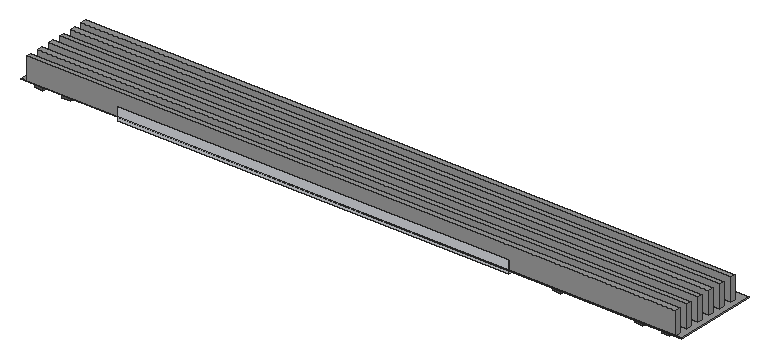
Revit family "1114-6, Solid", category Generic Models, host Face, Revit 2020
Family settings
  Host = Face
  Can host rebar = No
  Round Connector Dimension = Use Diameter
  Part Type = Normal
  Cut with Voids When Loaded = No
  Shared = No
  Room Calculation Point = No
Parameters
  min_value [instance] = 1' - 11 1/4"  # constant formula
  max_value [instance] = 11' - 11 1/4"  # constant formula
  actual_value [instance] = if(NET LENGTH < min_value, min_value, if(NET LENGTH > max_value, max_value, NET LENGTH))  # 7' - 11 1/4"
  SCRIM MATERIAL [instance] = SCRIM
  SCRIM [instance] = yes
  NET LENGTH [instance] = 7' - 11 1/4"
  Default Elevation = 4' - 0"
  BACKER MATERIAL [instance] = BLACK-BACKERS
  .. MEMBER WIDTH [instance] = 0' - 0 3/4"  # constant formula
  .. MEMBER MATERIAL [instance] = Solid Western Hemlock
  .. MEMBER LENGTH [instance] = actual_value  # 7' - 11 1/4"
  .. MEMBER DEPTH [instance] = 0' - 3 1/4"  # constant formula
  .. MEMBER COUNT [instance] = 6  # constant formula
  IMPORTANT NOTE!!!                                                                             *Backer layout is for visualization purposes only, final layout to be determined by 9Wood. [instance] = ""
Reference planes (in)
  plane 1 "Center (Front/Back)": y = 0
  plane 2: z = 1.82209
  plane 3 "Center (Left/Right)": x = 0
Forms (in)
  Extrusion 1, solid
    sketch origin (132, -33.80483, 0) x (1, 0, 0) y (0, 1, 0)
      loop
        line (-118.625, 33.80483) -> (-61.26146, 33.80483) -> (-61.26146, 45.86733) -> (-118.625, 45.86733) -> (-118.625, 33.80483)
    from 1.82209 to 0
Dimensions and locks (in)
  aligned and locked: Extrusion 1 to plane 2
  aligned and locked: plane 3 "Center (Left/Right)" to nested 1
Nested families (in)
  nested 1: "1100 SERIES CONFIG" at (0, 2, 0), .. MEMBER DEPTH <- ".. MEMBER DEPTH", .. MEMBER LENGTH <- ".. MEMBER LENGTH", .. MEMBER WIDTH <- ".. MEMBER WIDTH", .. MEMBER MATERIAL <- ".. MEMBER MATERIAL", BACKING M MATERIAL <- "BACKER MATERIAL", SCRIM  MATERIAL <- "SCRIM MATERIAL", .. MEMBER COUNT <- ".. MEMBER COUNT", SCRIM <- "SCRIM", type "1100 SERIES CONFIG"
    with X 7' - 8", SCRIM OVERHANG 2 0' - 0 3/32", SCRIM OVERHANG 0' - 0 7/8", SCRIM LENGTH 8' - 1", SCRIM  MATERIAL SCRIM, SCRIM yes, NOMINAL LENGTH 7, N 8, Inset 6' - 0 3/8", INSET 0' - 1", INDEX 0' - 5 5/8", HALF MEMBER WIDTH 0' - 0 3/8", HALF LENGTH 3' - 11 5/8", END BACKER yes, BACKING M WIDTH 0' - 1 1/4", BACKING M OC SPACING 1' - 0", BACKING M MATERIAL BLACK-BACKERS, BACKING M LENGTH 0' - 11 7/8", BACKING M DEPTH 0' - 0 1/2", BACKING M COUNT 8, 3/16" INSET 0' - 0 3/16", .. MEMBER WIDTH 0' - 0 3/4", .. MEMBER OC SPACING 0' - 2", .. MEMBER MATERIAL Solid Western Hemlock, .. MEMBER LENGTH 7' - 11 1/4", .. MEMBER DEPTH 0' - 3 1/4", .. MEMBER COUNT 6
Definition of nested family "1100 SERIES CONFIG"
  Parameters (values of type "1100 SERIES CONFIG")
    X [instance] = .. MEMBER LENGTH - 0' 3 1/4"  # 5' - 5"
    SCRIM OVERHANG 2 [instance] = 0' - 0 3/32"  # constant formula
    SCRIM OVERHANG [instance] = 0' - 0 7/8"  # constant formula
    SCRIM LENGTH [instance] = .. MEMBER LENGTH + (SCRIM OVERHANG * 2)  # 5' - 10"
    SCRIM  MATERIAL [instance] = none
    SCRIM [instance] = yes
    NOMINAL LENGTH [instance] = 7
    N [instance] = if((X - (rounddown(X / 1' 0") * 1' 0")) > 1' 0", rounddown(X / 1' 0") + 2, rounddown(X / 1' 0") + 1)  # 6
    Inset [instance] = 6' - 0 3/8"  # constant formula
    INSET [instance] = 0' - 1"  # constant formula
    END BACKER [instance] = INDEX > 0' 3 5/8"  # yes
    INDEX [instance] = (.. MEMBER LENGTH - ((N - 1) * 1' 0")) / 2  # 0' - 4 1/8"
    HALF MEMBER WIDTH [instance] = .. MEMBER WIDTH / 2  # 0' - 0 5/16"
    HALF LENGTH [instance] = .. MEMBER LENGTH / 2  # 2' - 10 1/8"
    Default Elevation = 0' - 0"
    BACKING M WIDTH [instance] = 0' - 1 1/4"
    BACKING M SPACING = 3' - 3"
    BACKING M MATERIAL [instance] = none
    BACKING M LENGTH [instance] = 0' - 11 7/8"
    BACKING M DEPTH [instance] = 0' - 0 1/2"
    BACKING M COUNT [instance] = N  # 6
    BACKING M OC SPACING [instance] = 1' - 0"  # constant formula
    3/16" INSET [instance] = 0' - 0 3/16"  # constant formula
    .. MEMBER WIDTH [instance] = 0' - 0 5/8"
    .. MEMBER OC SPACING [instance] = 1' 0" / .. MEMBER COUNT  # 0' - 4"
    .. MEMBER MATERIAL [instance] = none
    .. MEMBER LENGTH [instance] = 5' - 8 1/4"
    .. MEMBER DEPTH [instance] = 0' - 1 3/8"
    .. MEMBER COUNT [instance] = 3
  Reference planes (in)
    plane 1 "Center (Front/Back)": y = -2
    plane 2: z = 0
    plane 3 "Center (Left/Right)": x = 0
    plane 4: x = 1
    plane 5: x = 4.125
    plane 6: x = 34.125
    plane 7: x = 68.25
    plane 8: x = 67.25
    plane 9: x = 16.125
    plane 10: y = -1.8125
    plane 11: y = -1.6875
    plane 12: y = 2.3125
    plane 13: x = 69.125
    plane 14: x = -0.875
    plane 15: z = 0.5
    plane 16: z = 0.5625
    plane 17: y = 10.0625
    plane 18: y = 10.15625
    plane 19: y = -2.09375
  Dimensions and locks (in)
    "INSET": plane 3 "Center (Left/Right)" to plane 4
    "INDEX": plane 3 "Center (Left/Right)" to plane 5
    "HALF LENGTH": plane 3 "Center (Left/Right)" to plane 6
    ".. MEMBER LENGTH": plane 3 "Center (Left/Right)" to plane 7
    "INSET": plane 8 to plane 7
    equal spacing: group 2, group 3, group 6, group 7, group 8, group 9  (x3)
    "3/16" INSET": plane 1 "Center (Front/Back)" to plane 10
    ".. MEMBER OC SPACING": plane 12 to plane 11
    "SCRIM OVERHANG": plane 14 to plane 3 "Center (Left/Right)"
    "SCRIM OVERHANG": plane 7 to plane 13
    equal spacing: group 1, group 4, group 5  (x2)
    equal spacing: group 5, group 4, group 1
    "HALF MEMBER WIDTH": plane 1 "Center (Front/Back)" to plane 11
    "BACKING M OC SPACING": plane 5 to plane 9
    "SCRIM OVERHANG 2": plane 18 to plane 17
    "SCRIM OVERHANG 2": plane 19 to plane 1 "Center (Front/Back)"
    aligned and locked: level to plane 2
    aligned and locked: plane 6 to nested 1
    aligned and locked: nested 2 to plane 4
    aligned and locked: plane 5 to nested 3
    aligned and locked: plane 1 "Center (Front/Back)" to nested 1
    aligned and locked: nested 2 to plane 10
    aligned and locked: nested 3 to plane 10
    aligned and locked: nested 5 to plane 10
    aligned and locked: nested 4 to plane 10
    aligned and locked: nested 6 to plane 14
    aligned and locked: plane 12 to nested 7
    aligned and locked: nested 7 to plane 3 "Center (Left/Right)"
    aligned and locked: plane 9 to nested 5
    aligned and locked: plane 8 to nested 4
    aligned and locked: plane 15 to nested 2
    aligned and locked: nested 6 to plane 15
    aligned and locked: nested 1 to plane 16
    aligned and locked: nested 7 to plane 16
    aligned and locked: nested 6 to plane 19
  Nested families (in)
    nested 1: "INSTANCE - Parametric Cube" at (34.125, -1.6875, 1.9375), Length <- ".. MEMBER WIDTH", Height <- ".. MEMBER DEPTH", Width <- ".. MEMBER LENGTH", Material <- ".. MEMBER MATERIAL", type "INSTANCE - Parametric Cube"
      with Width 5' - 8 1/4", Material none, Length 0' - 0 5/8", Height 0' - 1 3/8"
    nested 2: "2ND INSTANCE - Parametric Cube" at (1.625, 4.125, 0), Height <- "BACKING M DEPTH", Length <- "BACKING M LENGTH", Width <- "BACKING M WIDTH", Material <- "BACKING M MATERIAL", visible <- "END BACKER", type "2ND INSTANCE - Parametric Cube"
      with Width 0' - 1 1/4", Material none, Length 0' - 11 7/8", Height 0' - 0 1/2"
    nested 3: "2ND INSTANCE - Parametric Cube" at (4.125, 4.125, 0), Length <- "BACKING M LENGTH", Height <- "BACKING M DEPTH", Width <- "BACKING M WIDTH", Material <- "BACKING M MATERIAL", type "2ND INSTANCE - Parametric Cube"
      with Width 0' - 1 1/4", Material none, Length 0' - 11 7/8", Height 0' - 0 1/2"
    nested 4: "2ND INSTANCE - Parametric Cube" at (66.625, 4.125, 0), Width <- "BACKING M WIDTH", Length <- "BACKING M LENGTH", Height <- "BACKING M DEPTH", Material <- "BACKING M MATERIAL", visible <- "END BACKER", type "2ND INSTANCE - Parametric Cube"
      with Width 0' - 1 1/4", Material none, Length 0' - 11 7/8", Height 0' - 0 1/2"
    nested 5: "2ND INSTANCE - Parametric Cube" at (16.125, 4.125, 0), Length <- "BACKING M LENGTH", Height <- "BACKING M DEPTH", Width <- "BACKING M WIDTH", Material <- "BACKING M MATERIAL", type "2ND INSTANCE - Parametric Cube"
      with Width 0' - 1 1/4", Material none, Length 0' - 11 7/8", Height 0' - 0 1/2"
    nested 6: "3RD INSTANCE - Parametric Cube" at (34.125, 4.0445, 0.5), Width <- "SCRIM LENGTH", Material <- "SCRIM  MATERIAL", visible <- "SCRIM", type "3RD INSTANCE - Parametric Cube"
      with Width 5' - 10", Material none, Length 1' - 0.27649", Height 0' - 0 1/16"
    nested 7: "INSTANCE - Parametric Cube" at (34.125, 2.3125, 1.9375), Length <- ".. MEMBER WIDTH", Height <- ".. MEMBER DEPTH", Width <- ".. MEMBER LENGTH", Material <- ".. MEMBER MATERIAL", type "INSTANCE - Parametric Cube"
      with Width 5' - 8 1/4", Material none, Length 0' - 0 5/8", Height 0' - 1 3/8"
    nested 8: "INSTANCE - Parametric Cube" at (34.125, 6.3125, 1.9375), Length <- ".. MEMBER WIDTH", Height <- ".. MEMBER DEPTH", Width <- ".. MEMBER LENGTH", Material <- ".. MEMBER MATERIAL", type "INSTANCE - Parametric Cube"
      with Width 5' - 8 1/4", Material none, Length 0' - 0 5/8", Height 0' - 1 3/8"
    nested 9: "2ND INSTANCE - Parametric Cube" at (28.125, 4.125, 0), Length <- "BACKING M LENGTH", Height <- "BACKING M DEPTH", Width <- "BACKING M WIDTH", Material <- "BACKING M MATERIAL", type "2ND INSTANCE - Parametric Cube"
      with Width 0' - 1 1/4", Material none, Length 0' - 11 7/8", Height 0' - 0 1/2"
    nested 10: "2ND INSTANCE - Parametric Cube" at (40.125, 4.125, 0), Length <- "BACKING M LENGTH", Height <- "BACKING M DEPTH", Width <- "BACKING M WIDTH", Material <- "BACKING M MATERIAL", type "2ND INSTANCE - Parametric Cube"
      with Width 0' - 1 1/4", Material none, Length 0' - 11 7/8", Height 0' - 0 1/2"
    nested 11: "2ND INSTANCE - Parametric Cube" at (52.125, 4.125, 0), Length <- "BACKING M LENGTH", Height <- "BACKING M DEPTH", Width <- "BACKING M WIDTH", Material <- "BACKING M MATERIAL", type "2ND INSTANCE - Parametric Cube"
      with Width 0' - 1 1/4", Material none, Length 0' - 11 7/8", Height 0' - 0 1/2"
    nested 12: "2ND INSTANCE - Parametric Cube" at (64.125, 4.125, 0), Length <- "BACKING M LENGTH", Height <- "BACKING M DEPTH", Width <- "BACKING M WIDTH", Material <- "BACKING M MATERIAL", type "2ND INSTANCE - Parametric Cube"
      with Width 0' - 1 1/4", Material none, Length 0' - 11 7/8", Height 0' - 0 1/2"
  Definition of nested family "INSTANCE - Parametric Cube"
    Parameters (values of type "INSTANCE - Parametric Cube")
      Width [instance] = 0' - 6"
      Material [instance] = none
      Length [instance] = 1' - 0"
      Height [instance] = 1' - 6"
      Default Elevation = 0' - 0"
    Reference planes (in)
      plane 1 "Center (Front/Back)": y = 0
      plane 2: z = 0
      plane 3 "Center (Left/Right)": x = 0
      plane 4: x = -3
      plane 5: x = 3
      plane 6: y = 6
      plane 7: y = -6
      plane 8: z = -18
    Forms (in)
      Extrusion 1, solid, material <- "Material"
        sketch origin (0, 0, 0) x (1, 0, 0) y (0, 1, 0)
          loop
            line (-3, 6) -> (-3, -6) -> (3, -6) -> (3, 6) -> (-3, 6)
        from -18 to 0
    Dimensions and locks (in)
      equal spacing: plane 4, plane 3 "Center (Left/Right)", plane 5
      equal spacing: plane 6, plane 1 "Center (Front/Back)", plane 7
      "Length": plane 6 to plane 7
      "Width": plane 4 to plane 5
      "Height": plane 8 to level
      aligned and locked: plane 2 to level
      aligned and locked: Extrusion 1 sketch curve to plane 6
      aligned and locked: plane 4 to Extrusion 1 sketch curve
      aligned and locked: plane 7 to Extrusion 1 sketch curve
      aligned and locked: Extrusion 1 sketch curve to plane 5
      aligned and locked: Extrusion 1 to plane 8
  Definition of nested family "2ND INSTANCE - Parametric Cube"
    Parameters (values of type "2ND INSTANCE - Parametric Cube")
      Width [instance] = 0' - 6"
      Material [instance] = none
      Length [instance] = 1' - 0"
      Height [instance] = 1' - 6"
      Default Elevation = 0' - 0"
    Reference planes (in)
      plane 1 "Center (Front/Back)": y = 0
      plane 2: z = 0
      plane 3 "Center (Left/Right)": x = 0
      plane 4: x = -3
      plane 5: x = 3
      plane 6: y = 6
      plane 7: y = -6
      plane 8: z = 18
    Forms (in)
      Extrusion 1, solid, material <- "Material"
        sketch origin (0, 0, 0) x (1, 0, 0) y (0, 1, 0)
          loop
            line (-3, 6) -> (-3, -6) -> (3, -6) -> (3, 6) -> (-3, 6)
        from 0 to 18
    Dimensions and locks (in)
      equal spacing: plane 4, plane 3 "Center (Left/Right)", plane 5
      equal spacing: plane 6, plane 1 "Center (Front/Back)", plane 7
      "Length": plane 6 to plane 7
      "Width": plane 4 to plane 5
      "Height": level to plane 8
      aligned and locked: plane 2 to level
      aligned and locked: Extrusion 1 sketch curve to plane 6
      aligned and locked: plane 4 to Extrusion 1 sketch curve
      aligned and locked: plane 7 to Extrusion 1 sketch curve
      aligned and locked: Extrusion 1 sketch curve to plane 5
      aligned and locked: plane 8 to Extrusion 1
      aligned and locked: Extrusion 1 to level
  Definition of nested family "3RD INSTANCE - Parametric Cube"
    Parameters (values of type "3RD INSTANCE - Parametric Cube")
      Width [instance] = 0' - 6"
      Material [instance] = none
      Length [instance] = 1' - 0"
      Height [instance] = 1' - 6"
      Default Elevation = 0' - 0"
    Reference planes (in)
      plane 1 "Center (Front/Back)": y = 0
      plane 2: z = 0
      plane 3 "Center (Left/Right)": x = 0
      plane 4: x = -3
      plane 5: x = 3
      plane 6: y = 6
      plane 7: y = -6
      plane 8: z = 18
    Forms (in)
      Extrusion 1, solid, material <- "Material"
        sketch origin (0, 0, 0) x (1, 0, 0) y (0, 1, 0)
          loop
            line (-3, 6) -> (-3, -6) -> (3, -6) -> (3, 6) -> (-3, 6)
        from 0 to 18
    Dimensions and locks (in)
      equal spacing: plane 4, plane 3 "Center (Left/Right)", plane 5
      equal spacing: plane 6, plane 1 "Center (Front/Back)", plane 7
      "Length": plane 6 to plane 7
      "Width": plane 4 to plane 5
      "Height": level to plane 8
      aligned and locked: plane 2 to level
      aligned and locked: Extrusion 1 sketch curve to plane 6
      aligned and locked: plane 4 to Extrusion 1 sketch curve
      aligned and locked: plane 7 to Extrusion 1 sketch curve
      aligned and locked: Extrusion 1 sketch curve to plane 5
      aligned and locked: plane 8 to Extrusion 1
      aligned and locked: Extrusion 1 to level
